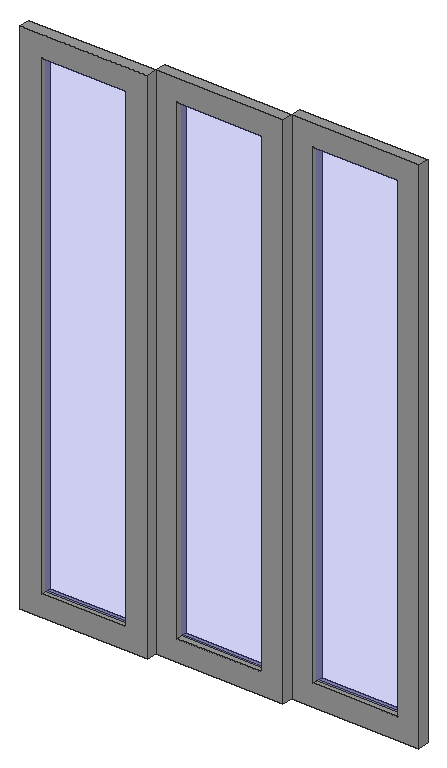
Revit family "DAL_A3-Cavity-Door-Tri-Door", category Doors, host Wall, Revit 2016
Family settings
  Host = Wall
  Always vertical = Yes
  Cut with Voids When Loaded = No
  Shared = No
  Room Calculation Point = No
Parameters (values of type "Cavity Door")
  Function = Interior
  Description = "DOUBLE TIMBER CAVITY SLIDING DOOR WITH TOP TRACK & BOTTOM GUIDE"
  Depth = Width / 3 + 75 mm  # 675 mm
  Frame Width = 75 mm
  Height = 2465 mm
  Wall Closure = By host
  Width = 1800 mm
Reference planes
  plane 1: y = 0
  plane 2 "Left": x = -600
  plane 3 "Right": x = 1200
  plane 4: z = 2465
  plane 5 "Exterior": y = 230
  plane 6 "Interior": y = -230
  plane 7: x = -1275
  plane 8: y = 57.5
  plane 9: y = -57.5
  plane 10: y = 75
  plane 11: y = -75
  plane 12: y = 25
  plane 13: y = -25
  plane 14: y = 115
  plane 15: y = -115
  plane 16: x = 0
  plane 17: x = 600
  plane 18: y = -50
  plane 19: y = -45
  plane 20: y = -55
  plane 21: y = 5
  plane 22: y = -5
  plane 23: y = 50
Forms (mm)
  Extrusion 1, void
    sketch origin (0, 0, 0) x (1, 0, 0) y (0, 1, 0)
      loop
        line (-600, 115) -> (-1275, 115) -> (-1275, -115) -> (-600, -115) -> (-600, -230) -> (1200, -230) -> (1200, 230) -> (-600, 230) -> (-600, 115)
    from 0 to 2465
  Extrusion 2, solid, material "Default ALUMINIUM FRAME"
    sketch origin (0, 230, 0) x (1, 0, 0) y (0, 0, 1)
      loop
        line (1200, 2465) -> (600, 2465) -> (600, 0) -> (1200, 0) -> (1200, 2465)
      loop
        line (1100, 100) -> (1100, 2365) -> (700, 2365) -> (700, 100) -> (1100, 100)
    from 155 to 205
  Extrusion 3, solid, material "Default ALUMINIUM FRAME"
    sketch origin (0, 230, 0) x (1, 0, 0) y (0, 0, 1)
      loop
        line (600, 0) -> (600, 2465) -> (0, 2465) -> (0, 0) -> (600, 0)
      loop
        line (500, 2365) -> (100, 2365) -> (100, 100) -> (500, 100) -> (500, 2365)
    from 205 to 255
  Extrusion 4, solid, material "Default ALUMINIUM FRAME"
    sketch origin (0, 230, 0) x (1, 0, 0) y (0, 0, 1)
      loop
        line (0, 2465) -> (-600, 2465) -> (-600, 0) -> (0, 0) -> (0, 2465)
      loop
        line (-100, 100) -> (-100, 2365) -> (-500, 2365) -> (-500, 100) -> (-100, 100)
    from 255 to 305
  Extrusion 5, solid, material "Glass"
    sketch origin (0, 230, 0) x (1, 0, 0) y (0, 0, 1)
      loop
        line (1100, 2365) -> (700, 2365) -> (700, 100) -> (1100, 100) -> (1100, 2365)
    from 175 to 185
  Extrusion 6, solid, material "Glass"
    sketch origin (0, 230, 0) x (1, 0, 0) y (0, 0, 1)
      loop
        line (500, 2365) -> (100, 2365) -> (100, 100) -> (500, 100) -> (500, 2365)
    from 225 to 235
  Extrusion 7, solid, material "Glass"
    sketch origin (0, 230, 0) x (1, 0, 0) y (0, 0, 1)
      loop
        line (-100, 2365) -> (-500, 2365) -> (-500, 100) -> (-100, 100) -> (-100, 2365)
    from 275 to 285
Lines and regions (mm)
  symbolic lines, style "DoorsPanelProjection"
    curve 1: line (-239.611, 336.437, 0) -> (50.389, 336.437, 0)
    curve 2: line (-239.611, 336.437, 0) -> (-157.696, 393.795, 0)
    curve 3: line (-239.611, 336.437, 0) -> (-157.696, 279.08, 0)
  reference lines
    curve 4: line (600, 45, 0) -> (370, 45, 0)
    curve 5: line (370, 55, 0) -> (600, 55, 0)
Text (mm)
  text "Exterior" at (-2295.016, 1099.543, 0), in view "Ref. Level"
  text "Exterior" at (0, 1615.38, 3698.081), in view "Left"
  text "Exterior" at (0, 1036.032, 3874.932), in view "Right"
Dimensions and locks
  plane 2 "Left" to plane 3 "Right" = 1800 mm
  "Width": plane 2 "Left" to plane 3 "Right"
  "Height": plane 4 to host wall
  host wall to plane 4 = 2465 mm  (x2)
  locked: plane 5 "Exterior" to host wall at 0
  locked: plane 6 "Interior" to host wall
  "Depth": plane 7 to plane 2 "Left"
  locked: plane 14 to plane 5 "Exterior" at 115
  locked: plane 6 "Interior" to plane 15 at 115
  equal spacing: plane 2 "Left", plane 16, plane 17, plane 3 "Right"
  plane 13 to host wall to plane 12 = 25 mm locked, 25 mm locked
  locked: plane 11 to plane 13 at 50
  locked: plane 12 to plane 10 at 50
  locked: plane 18 to plane 20 at 5
  locked: plane 18 to plane 19 at 5
  locked: plane 22 to host wall at 5
  locked: host wall to plane 21 at 5
  locked: plane 23 to curve 4 at 5
  locked: plane 23 to curve 5 at 5
  aligned and locked: plane 1 to host wall
  aligned and locked: plane 7 to Extrusion 1 sketch curve
  aligned and locked: Extrusion 1 sketch curve to plane 2 "Left"
  aligned and locked: Extrusion 1 to level
  aligned and locked: host wall to Extrusion 1 sketch curve  (x2)
  aligned and locked: Extrusion 1 to plane 4
  aligned and locked: plane 14 to Extrusion 1 sketch curve
  aligned and locked: Extrusion 1 sketch curve to plane 15
  aligned and locked: plane 3 "Right" to Extrusion 2 sketch curve
  aligned and locked: Extrusion 2 sketch curve to plane 4
  aligned and locked: level to Extrusion 2 sketch curve
  aligned and locked: plane 17 to Extrusion 2 sketch curve
  aligned and locked: Extrusion 3 sketch curve to Extrusion 2
  aligned and locked: plane 4 to Extrusion 3 sketch curve
  aligned and locked: plane 16 to Extrusion 3 sketch curve
  aligned and locked: Extrusion 3 sketch curve to level
  aligned and locked: Extrusion 3 sketch curve to plane 17
  aligned and locked: Extrusion 3 to Extrusion 4 sketch curve  (x2)
  aligned and locked: level to Extrusion 4 sketch curve
  aligned and locked: plane 2 "Left" to Extrusion 4 sketch curve
  aligned and locked: Extrusion 4 to plane 13
  aligned and locked: plane 11 to Extrusion 4
  aligned and locked: plane 13 to Extrusion 3
  aligned and locked: Extrusion 3 to plane 12
  aligned and locked: plane 12 to Extrusion 2
  aligned and locked: Extrusion 2 to plane 10
  aligned and locked: Extrusion 2 to Extrusion 5 sketch curve
  aligned and locked: Extrusion 5 sketch curve to Extrusion 2  (x3)
  aligned and locked: Extrusion 3 to Extrusion 6 sketch curve
  aligned and locked: Extrusion 6 sketch curve to Extrusion 3  (x3)
  aligned and locked: Extrusion 4 to Extrusion 7 sketch curve
  aligned and locked: Extrusion 7 sketch curve to Extrusion 4  (x3)
  aligned and locked: Extrusion 7 to plane 20
  aligned and locked: plane 19 to Extrusion 7
  aligned and locked: plane 22 to Extrusion 6
  aligned and locked: Extrusion 6 to plane 21
  aligned and locked: curve 4 to Extrusion 5
  aligned and locked: Extrusion 5 to curve 5
Automatic sketch dimensions
  curve 1 to curve 2 = 81.915 mm
  host wall to curve 3 = 49.08 mm
  curve 1 to curve 3 = 81.915 mm
  curve 3 to curve 2 = 57.358 mm
  curve 1 to curve 2 = 57.358 mm
  Extrusion 1 sketch curve to plane 2 "Left" = 0 mm
  Extrusion 1 sketch curve to plane 3 "Right" = 0 mm
  curve 2 to curve 1 = 208.085 mm
  curve 3 to plane 2 "Left" = 360.389 mm
  Extrusion 2 sketch curve to plane 17 = 100 mm
  plane 3 "Right" to Extrusion 2 sketch curve = 100 mm
  level to Extrusion 2 sketch curve = 100 mm
  plane 4 to Extrusion 2 sketch curve = 100 mm
  plane 16 to Extrusion 3 sketch curve = 100 mm
  plane 17 to Extrusion 3 sketch curve = 100 mm
  level to Extrusion 3 sketch curve = 100 mm
  plane 4 to Extrusion 3 sketch curve = 100 mm
  Extrusion 4 sketch curve to plane 2 "Left" = 100 mm
  Extrusion 4 sketch curve to plane 16 = 100 mm
  level to Extrusion 4 sketch curve = 100 mm
  plane 4 to Extrusion 4 sketch curve = 100 mm
  curve 5 to plane 17 = 0 mm
  curve 4 to plane 17 = 0 mm
  curve 5 to curve 5 = 230 mm
  curve 4 to curve 5 = 0 mm
